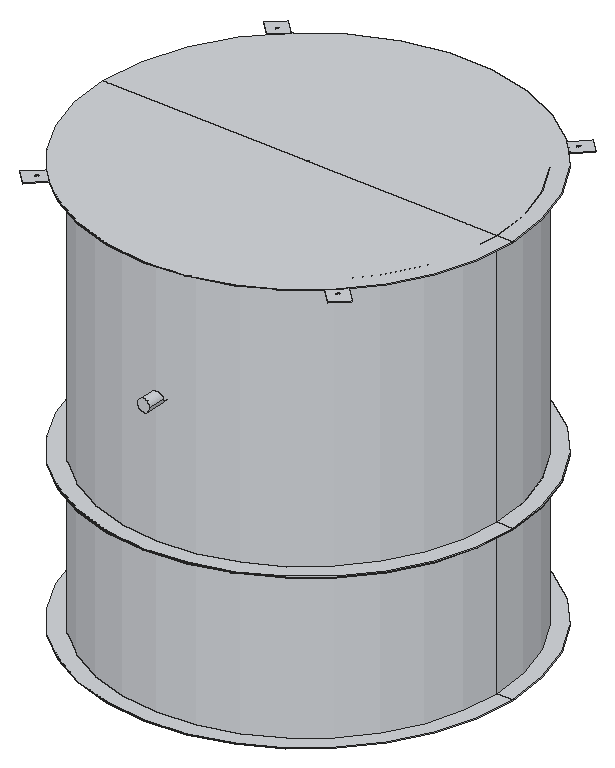
Revit family "AFDV-C_Downblast_Ceiling_Mount", category Mechanical Equipment, Revit 2019
Family settings
  Round Connector Dimension = Use Radius
  Part Type = Normal
  Work Plane-Based = No
  Always vertical = Yes
  Cut with Voids When Loaded = No
  Shared = No
  Room Calculation Point = No
Parameters (values of type "60_AFDV-C_DOWNBLAST_CEILING")
  VANE = 2' - 1"
  Unit Weight [instance] = ""
  ModelID [instance] = ""
  L/2 = L / 2  # 2' - 0 17/32"
  L = 4' - 1 1/16"
  K/2 = K / 2  # 0' - 0 7/32"
  K = 0' - 0 7/16"
  J/2 = J / 2  # 2' - 10 11/16"
  Accessories [instance] = ""
  45 = 45.00°  # constant formula
  (L-1")/2 = (L - 0' 1") / 2  # 2' - 0 1/32"
  (J+(J-A))/2 = (J + ((J - A) / 2)) / 2  # 3' - 0 11/16"
  J = 5' - 9 3/8"
  CENTER = 0' - 0"  # constant formula
  H-(A/2) = H - (A / 2)  # 2' - 0 1/16"
  H+J = H + CENTER  # 4' - 6 3/4"
  H = 4' - 6 3/4"
  Sones [instance] = ""
  Motor RPM [instance] = ""
  Motor Enclosure [instance] = ""
  LwA [instance] = ""
  G = 12' - 0"
  Fan RPM [instance] = ""
  F/2 = F / 2  # 0' - 1 1/2"
  F = 0' - 3"
  E/2 = E / 2  # 1' - 9"
  E-2" = E - 0' 2"  # 3' - 4"
  E = 3' - 6"
  C/2+J = C / 2 + CENTER  # 2' - 7 13/16"
  C/2 = C / 2  # 2' - 7 13/16"
  C = 5' - 3 5/8"
  B/2 = B / 2  # 2' - 9 3/8"
  B = 5' - 6 3/4"
  A/3 = A / 2.5  # 2' - 0.55"
  A/2 = A / 2  # 2' - 6 11/16"
  A = 5' - 1 3/8"
  60 = 60.00°  # constant formula
  30 = 30.00°  # constant formula
  3" = 0' - 3"  # constant formula
  Brake Hp [instance] = ""
  4" = 0' - 4"  # constant formula
  2' = 2' - 0"
  2" = 0' - 2"  # constant formula
  1" = 0' - 1"  # constant formula
  0 = 0' - 0"  # constant formula
  Voltage [instance] = 0 V
  URL = "www.lorencook.com"
  Type Comments = "Tube Axial Fan Downblast Ceiling Mount Direct Drive Arrangement 4"  # constant formula
  Static Pressure [instance] = 0.00 in-wg
  Power [instance] = Voltage * Motor FLA * sqrt(if(Phase = 3, 3, 1))  # 0 VA
  Phase [instance] = 0
  Number of Poles [instance] = 1
  Motor Hp [instance] = "0"
  Motor FLA [instance] = 0 A
  Model = "AFDV-C"  # constant formula
  Manufacturer = "Loren Cook Company"
  CFM [instance] = 0 CFM
  1.5 = 0' - 1 1/2"  # constant formula
  ONE EIGTH = 0' - 0 1/8"  # constant formula
  -E/2 = -E / 2  # -1' - 9"
  -(E-.25")/2 = -(E - 0' 0 1/4") / 2  # -1' - 8 7/8"
  (K/2)-((J-A-.25")/2) = (K / 2) - ((J - A - 0' 0 1/4") / 2)  # -0' - 3 21/32"
  (J-A-.25") = (J - A - 0' 0 1/4")  # 0' - 7 3/4"
  (H-(A/2))/2 = (H - (A / 2)) / 2  # 1' - 0 1/32"
  (E-.25")/2 = (E - 0' 0 1/4") / 2  # 1' - 8 7/8"
  (A+.25")/2 = (A + 0' 0 1/4") / 2  # 2' - 6 13/16"
Types (12): name | VANE | L/2 | L | K/2 | K | J/2 | (L-1")/2 | (J+(J-A))/2 | J | H-(A/2) | H+J | H | G | F/2 | F | E/2 | E-2" | E | C/2+J | C/2 | C | B/2 | B | A/3 | A/2 | A | -E/2 | -(E-.25")/2 | (K/2)-((J-A-.25")/2) | (J-A-.25") | (H-(A/2))/2 | (E-.25")/2 | (A+.25")/2
  (no name) | 2' - 1" | 2' - 0 17/32" | 4' - 1 1/16" | 0' - 0 7/32" | 0' - 0 7/16" | 2' - 10 11/16" | 2' - 0 1/32" | 3' - 0 11/16" | 5' - 9 3/8" | 2' - 0 1/16" | 4' - 6 3/4" | 4' - 6 3/4" | 12' - 0" | 0' - 1 1/2" | 0' - 3" | 1' - 9" | 3' - 4" | 3' - 6" | 2' - 7 13/16" | 2' - 7 13/16" | 5' - 3 5/8" | 2' - 9 3/8" | 5' - 6 3/4" | 2' - 0.55" | 2' - 6 11/16" | 5' - 1 3/8" | -1' - 9" | -1' - 8 7/8" | -0' - 3 21/32" | 0' - 7 3/4" | 1' - 0 1/32" | 1' - 8 7/8" | 2' - 6 13/16"
  12_AFDV-C_DOWNBLAST_CEILING | 0' - 6" | 0' - 6 3/8" | 1' - 0 3/4" | 0' - 0 3/16" | 0' - 0 3/8" | 0' - 9 1/32" | 0' - 5 7/8" | 0' - 10 21/64" | 1' - 6 1/16" | 1' - 6 3/16" | 2' - 0 5/8" | 2' - 0 5/8" | 6' - 0" | 0' - 0 5/32" | 0' - 0 5/16" | 0' - 11" | 1' - 8" | 1' - 10" | 0' - 7 5/16" | 0' - 7 5/16" | 1' - 2 5/8" | 0' - 7 13/16" | 1' - 3 5/8" | 0' - 5.15" | 0' - 6 7/16" | 1' - 0 7/8" | -0' - 11" | -0' - 10 7/8" | -0' - 2 9/32" | 0' - 4 15/16" | 0' - 9 3/32" | 0' - 10 7/8" | 0' - 6 9/16"
  16_AFDV-C_DOWNBLAST_CEILING | 0' - 10" | 0' - 7 13/16" | 1' - 3 5/8" | 0' - 0 3/16" | 0' - 0 3/8" | 0' - 11 1/32" | 0' - 7 5/16" | 1' - 0 21/64" | 1' - 10 1/16" | 1' - 9 11/16" | 2' - 6 1/8" | 2' - 6 1/8" | 6' - 0" | 0' - 0 5/32" | 0' - 0 5/16" | 1' - 0 1/2" | 1' - 11" | 2' - 1" | 0' - 9 5/16" | 0' - 9 5/16" | 1' - 6 5/8" | 0' - 9 13/16" | 1' - 7 5/8" | 0' - 6 3/4" | 0' - 8 7/16" | 1' - 4 7/8" | -1' - 0 1/2" | -1' - 0 3/8" | -0' - 2 9/32" | 0' - 4 15/16" | 0' - 10 27/32" | 1' - 0 3/8" | 0' - 8 9/16"
  18_AFDV-C_DOWNBLAST_CEILING | 0' - 11" | 0' - 8 1/2" | 1' - 5" | 0' - 0 3/16" | 0' - 0 3/8" | 1' - 0 1/32" | 0' - 8" | 1' - 1 21/64" | 2' - 0 1/16" | 1' - 9 11/16" | 2' - 7 1/8" | 2' - 7 1/8" | 6' - 0" | 0' - 0 5/32" | 0' - 0 5/16" | 1' - 0 1/2" | 1' - 11" | 2' - 1" | 0' - 10 5/16" | 0' - 10 5/16" | 1' - 8 5/8" | 0' - 10 13/16" | 1' - 9 5/8" | 0' - 7.55" | 0' - 9 7/16" | 1' - 6 7/8" | -1' - 0 1/2" | -1' - 0 3/8" | -0' - 2 9/32" | 0' - 4 15/16" | 0' - 10 27/32" | 1' - 0 3/8" | 0' - 9 9/16"
  24_AFDV-C_DOWNBLAST_CEILING | 1' - 1" | 0' - 10 7/8" | 1' - 9 3/4" | 0' - 0 3/16" | 0' - 0 3/8" | 1' - 3 13/32" | 0' - 10 3/8" | 1' - 4 57/64" | 2' - 6 13/16" | 2' - 3 7/16" | 3' - 3 7/8" | 3' - 3 7/8" | 6' - 0" | 0' - 0 7/32" | 0' - 0 7/16" | 1' - 3 1/2" | 2' - 5" | 2' - 7" | 1' - 1 7/16" | 1' - 1 7/16" | 2' - 2 7/8" | 1' - 2 9/16" | 2' - 5 1/8" | 0' - 9.95" | 1' - 0 7/16" | 2' - 0 7/8" | -1' - 3 1/2" | -1' - 3 3/8" | -0' - 2 21/32" | 0' - 5 11/16" | 1' - 1 23/32" | 1' - 3 3/8" | 1' - 0 9/16"
  28_AFDV-C_DOWNBLAST_CEILING | 1' - 1" | 1' - 0 5/16" | 2' - 0 5/8" | 0' - 0 3/16" | 0' - 0 3/8" | 1' - 5 13/32" | 0' - 11 13/16" | 1' - 6 57/64" | 2' - 10 13/16" | 2' - 3 7/16" | 3' - 5 7/8" | 3' - 5 7/8" | 6' - 0" | 0' - 0 7/32" | 0' - 0 7/16" | 1' - 3 1/2" | 2' - 5" | 2' - 7" | 1' - 3 7/16" | 1' - 3 7/16" | 2' - 6 7/8" | 1' - 4 9/16" | 2' - 9 1/8" | 0' - 11.55" | 1' - 2 7/16" | 2' - 4 7/8" | -1' - 3 1/2" | -1' - 3 3/8" | -0' - 2 21/32" | 0' - 5 11/16" | 1' - 1 23/32" | 1' - 3 3/8" | 1' - 2 9/16"
  32_AFDV-C_DOWNBLAST_CEILING | 1' - 3" | 1' - 2 1/8" | 2' - 4 1/4" | 0' - 0 7/32" | 0' - 0 7/16" | 1' - 7 31/32" | 1' - 1 5/8" | 1' - 9 45/64" | 3' - 3 15/16" | 2' - 4 3/4" | 3' - 9 1/4" | 3' - 9 1/4" | 6' - 0" | 0' - 0 7/32" | 0' - 0 7/16" | 1' - 5" | 2' - 8" | 2' - 10" | 1' - 5 1/2" | 1' - 5 1/2" | 2' - 11" | 1' - 6 5/8" | 3' - 1 1/4" | 1' - 1.2" | 1' - 4 1/2" | 2' - 9" | -1' - 5" | -1' - 4 7/8" | -0' - 3 1/8" | 0' - 6 11/16" | 1' - 2 3/8" | 1' - 4 7/8" | 1' - 4 5/8"
  36_AFDV-C_DOWNBLAST_CEILING | 1' - 4" | 1' - 3 17/32" | 2' - 7 1/16" | 0' - 0 7/32" | 0' - 0 7/16" | 1' - 9 31/32" | 1' - 3 1/32" | 1' - 11 45/64" | 3' - 7 15/16" | 2' - 4 3/4" | 3' - 11 1/4" | 3' - 11 1/4" | 6' - 0" | 0' - 0 7/32" | 0' - 0 7/16" | 1' - 5" | 2' - 8" | 2' - 10" | 1' - 7 1/2" | 1' - 7 1/2" | 3' - 3" | 1' - 8 11/16" | 3' - 5 3/8" | 1' - 2.8" | 1' - 6 1/2" | 3' - 1" | -1' - 5" | -1' - 4 7/8" | -0' - 3 1/8" | 0' - 6 11/16" | 1' - 2 3/8" | 1' - 4 7/8" | 1' - 6 5/8"
  44_AFDV-C_DOWNBLAST_CEILING | 1' - 7" | 1' - 6 3/8" | 3' - 0 3/4" | 0' - 0 7/32" | 0' - 0 7/16" | 2' - 2" | 1' - 5 7/8" | 2' - 3 3/4" | 4' - 4" | 3' - 0 1/4" | 4' - 10 3/4" | 4' - 10 3/4" | 12' - 0" | 0' - 0 7/32" | 0' - 0 7/16" | 1' - 9" | 3' - 4" | 3' - 6" | 1' - 11 3/4" | 1' - 11 3/4" | 3' - 11 1/2" | 2' - 0 11/16" | 4' - 1 3/8" | 1' - 6" | 1' - 10 1/2" | 3' - 9" | -1' - 9" | -1' - 8 7/8" | -0' - 3 5/32" | 0' - 6 3/4" | 1' - 6 1/8" | 1' - 8 7/8" | 1' - 10 5/8"
  48_AFDV-C_DOWNBLAST_CEILING | 1' - 10" | 1' - 8 3/16" | 3' - 4 3/8" | 0' - 0 7/32" | 0' - 0 7/16" | 2' - 4 9/16" | 1' - 7 11/16" | 2' - 6 9/16" | 4' - 9 1/8" | 3' - 0 3/16" | 5' - 0 3/4" | 5' - 0 3/4" | 12' - 0" | 0' - 0 7/32" | 0' - 0 7/16" | 1' - 9" | 3' - 4" | 3' - 6" | 2' - 1 13/16" | 2' - 1 13/16" | 4' - 3 5/8" | 2' - 2 3/4" | 4' - 5 1/2" | 1' - 7.65" | 2' - 0 9/16" | 4' - 1 1/8" | -1' - 9" | -1' - 8 7/8" | -0' - 3 21/32" | 0' - 7 3/4" | 1' - 6 3/32" | 1' - 8 7/8" | 2' - 0 11/16"
  54_AFDV-C_DOWNBLAST_CEILING | 1' - 11" | 1' - 10 1/2" | 3' - 9" | 0' - 0 7/32" | 0' - 0 7/16" | 2' - 7 13/16" | 1' - 10" | 2' - 9 7/8" | 5' - 3 5/8" | 2' - 0 1/16" | 4' - 3 3/4" | 4' - 3 3/4" | 12' - 0" | 0' - 0 7/32" | 0' - 0 7/16" | 1' - 9" | 3' - 4" | 3' - 6" | 2' - 4 13/16" | 2' - 4 13/16" | 4' - 9 5/8" | 2' - 6 3/8" | 5' - 0 3/4" | 1' - 10.15" | 2' - 3 11/16" | 4' - 7 3/8" | -1' - 9" | -1' - 8 7/8" | -0' - 3 25/32" | 0' - 8" | 1' - 0 1/32" | 1' - 8 7/8" | 2' - 3 13/16"
  60_AFDV-C_DOWNBLAST_CEILING | 2' - 1" | 2' - 0 17/32" | 4' - 1 1/16" | 0' - 0 7/32" | 0' - 0 7/16" | 2' - 10 11/16" | 2' - 0 1/32" | 3' - 0 11/16" | 5' - 9 3/8" | 2' - 0 1/16" | 4' - 6 3/4" | 4' - 6 3/4" | 12' - 0" | 0' - 1 1/2" | 0' - 3" | 1' - 9" | 3' - 4" | 3' - 6" | 2' - 7 13/16" | 2' - 7 13/16" | 5' - 3 5/8" | 2' - 9 3/8" | 5' - 6 3/4" | 2' - 0.55" | 2' - 6 11/16" | 5' - 1 3/8" | -1' - 9" | -1' - 8 7/8" | -0' - 3 21/32" | 0' - 7 3/4" | 1' - 0 1/32" | 1' - 8 7/8" | 2' - 6 13/16"
Reference planes (in)
  plane 1 "Center (Front/Back)": y = 0
  plane 2: z = 0
  plane 3 "Center (Left/Right)": x = 0.40541
Forms (in)
  Revolve 1, solid
    sketch origin (0, 0, 0) x (1, 0, 0) y (0, 0, 1)
      loop
        line (0.40541, -21) -> (33.78041, -21) -> (33.78041, -20.875) -> (31.21791, -20.875) -> (31.21791, 20.875) -> (33.78041, 20.875) -> (33.78041, 21) -> (0.40541, 21) -> (0.40541, -21)
      axis (0.40541, -21) -> (0.40541, 21)
    angle from 0 to 360
  Extrusion 2, void
    sketch origin (0, 0, 0) x (1, 0, 0) y (0, 1, 0)
      loop
        circle (0.40541, 0) r 0.125
    from -21 <- "-E/2" to 21 <- "E/2"
  Extrusion 3, solid
    sketch origin (0, 0, 0) x (1, 0, 0) y (0, 1, 0)
      loop
        arc (-24.45422, 26.98095) -> (-25.53657, 25.94198) -> (-26.57554, 24.85963) r 36.6875
        line (-26.57554, 24.85963) -> (-24.23109, 22.51518)
        arc (-24.23109, 22.51518) -> (-23.19428, 23.59969) -> (-22.10977, 24.6365) r 33.375
        line (-22.10977, 24.6365) -> (-24.45422, 26.98095)
      loop
        arc (25.26504, -26.98095) -> (26.34739, -25.94198) -> (27.38636, -24.85963) r 36.6875
        line (27.38636, -24.85963) -> (25.04191, -22.51518)
        arc (25.04191, -22.51518) -> (24.0051, -23.59969) -> (22.92059, -24.6365) r 33.375
        line (22.92059, -24.6365) -> (25.26504, -26.98095)
      loop
        arc (-26.57554, -24.85963) -> (-25.53657, -25.94198) -> (-24.45422, -26.98095) r 36.6875
        line (-24.45422, -26.98095) -> (-22.10977, -24.6365)
        arc (-22.10977, -24.6365) -> (-23.19428, -23.59969) -> (-24.23109, -22.51518) r 33.375
        line (-24.23109, -22.51518) -> (-26.57554, -24.85963)
      loop
        arc (27.38636, 24.85963) -> (26.34739, 25.94198) -> (25.26504, 26.98095) r 36.6875
        line (25.26504, 26.98095) -> (22.92059, 24.6365)
        arc (22.92059, 24.6365) -> (24.0051, 23.59969) -> (25.04191, 22.51518) r 33.375
        line (25.04191, 22.51518) -> (27.38636, 24.85963)
    from 20.875 <- "(E-.25")/2" to 21 <- "E/2"
  Extrusion 4, void
    sketch origin (0, 0, 0) x (1, 0, 0) y (0, 1, 0)
      loop
        circle (24.93666, 24.53125) r 0.21875
      loop
        circle (-24.12584, 24.53125) r 0.21875
      loop
        circle (-24.12584, -24.53125) r 0.21875
      loop
        circle (24.93666, -24.53125) r 0.21875
    from 21 <- "E/2" to -21 <- "-E/2"
  Extrusion 5, solid
    sketch origin (0, 0, 0) x (1, 0, 0) y (0, 0, 1)
      loop
        circle (0.40541, 0) r 1
    from 0 to 33.375 <- "B/2"
  Revolve 6, solid
    sketch origin (0, 0, 0) x (1, 0, 0) y (0, 0, 1)
      loop
        line (-32.96959, -21) -> (-32.96959, -21.125) -> (-30.40709, -21.125) -> (-30.40709, -45.875) -> (-32.96959, -45.875) -> (-32.96959, -46) -> (-30.28209, -46) -> (-30.28209, -21) -> (-32.96959, -21)
      axis (0.40541, -21) -> (0.40541, -46)
    angle from 0 to 360
Cuts and joins
  Extrusion 2, Extrusion 4 cuts Revolve 1
  Extrusion 4 cuts Extrusion 3
Dimensions and locks (in)
  "0": Revolve 1 sketch curve to plane 3 "Center (Left/Right)"  (x2)
  "(A+.25")/2": Revolve 1 sketch curve to plane 3 "Center (Left/Right)"
  "B/2": Revolve 1 sketch curve to plane 3 "Center (Left/Right)"  (x2)
  "ONE EIGTH": Revolve 1 sketch curve to Revolve 1 sketch curve  (x2)
  "E": Revolve 1 sketch curve to Revolve 1 sketch curve
  "E/2": level to Revolve 1 sketch curve
  "0": Extrusion 2 sketch curve to plane 3 "Center (Left/Right)"
  "0": plane 1 "Center (Front/Back)" to Extrusion 2 sketch curve
  "0": Extrusion 3 sketch curve to plane 3 "Center (Left/Right)"  (x8)
  "0": Extrusion 3 sketch curve to plane 1 "Center (Front/Back)"  (x8)
  "1.5": plane 3 "Center (Left/Right)" to Extrusion 3 sketch curve  (x3)
  "3"": Extrusion 3 sketch curve to Extrusion 3 sketch curve  (x4)
  "1.5": Extrusion 3 sketch curve to plane 3 "Center (Left/Right)"
  "L/2": plane 3 "Center (Left/Right)" to Extrusion 4 sketch curve  (x4)
  "L/2": plane 1 "Center (Front/Back)" to Extrusion 4 sketch curve  (x4)
  "0": Extrusion 5 sketch curve to level
  "0": Extrusion 5 sketch curve to plane 3 "Center (Left/Right)"
  "0": Revolve 6 sketch curve to plane 3 "Center (Left/Right)"
  "(A+.25")/2": plane 3 "Center (Left/Right)" to Revolve 6 sketch curve
  "B/2": plane 3 "Center (Left/Right)" to Revolve 6 sketch curve  (x2)
  "VANE": Revolve 6 sketch curve to Revolve 6 sketch curve
  "0": cut or joined group of Revolve 1, Extrusion 2, Extrusion 4 to Revolve 6 sketch curve
  "ONE EIGTH": Revolve 6 sketch curve to Revolve 6 sketch curve  (x3)
  "ONE EIGTH": radius of Extrusion 2 sketch curve
  "(J+(J-A))/2": radius of Extrusion 3 sketch curve  (x4)
  "B/2": radius of Extrusion 3 sketch curve  (x4)
  "K/2": radius of Extrusion 4 sketch curve  (x4)
  "1"": radius of Extrusion 5 sketch curve
  "45": angle Extrusion 3 sketch curve to plane 3 "Center (Left/Right)"
  "45": angle Extrusion 3 sketch curve to plane 1 "Center (Front/Back)"  (x2)
  "45": angle plane 1 "Center (Front/Back)" to Extrusion 3 sketch curve
Automatic sketch dimensions
  Revolve 1 sketch curve to Revolve 1 sketch curve = 0' - 0"
  Revolve 1 sketch curve to Revolve 1 sketch curve = 1' - 6"
  Revolve 6 sketch curve to Revolve 6 sketch curve = 0' - 11"
  Revolve 6 sketch curve to Revolve 6 sketch curve = 1' - 0"
Connectors (in)
  hvac at (0.40541, 0, 20.875), driven by "A/2"
    settings: on Revolve 1, index 2, duct flow 0 CFM, flow factor 0, pres drop 0.00 in-wg, loss coef 0, conn angle 0.00°, conn width 12", conn height 12", conn diameter 61 3/8", duct sys type 29, conn prof type 0, flow config 0, flow direction 1, loss method 0, conn ref index -1, conn util no, is conn primary yes, conn desc ""
  electrical at (0.40541, -33.375, 0)
    settings: on Extrusion 5, index 5, voltage 0 V, apparent load 0 VA, apparent load phase1 0 VA, apparent load phase2 0 VA, apparent load phase3 0 VA, power factor 1, load classification "Other", number of poles 1, system type 30, power factor state 1, is connector primary yes, connector utility no, sub classification motor no, connector description ""
  hvac at (0.40541, 0, -46), driven by "A/2"
    settings: on Revolve 6, index 6, duct flow 0 CFM, flow factor 0, pres drop 0.00 in-wg, loss coef 0, conn angle 0.00°, conn width 12", conn height 12", conn diameter 61 3/8", duct sys type 29, conn prof type 0, flow config 0, flow direction 2, loss method 0, conn ref index -1, conn util no, is conn primary no, conn desc ""
